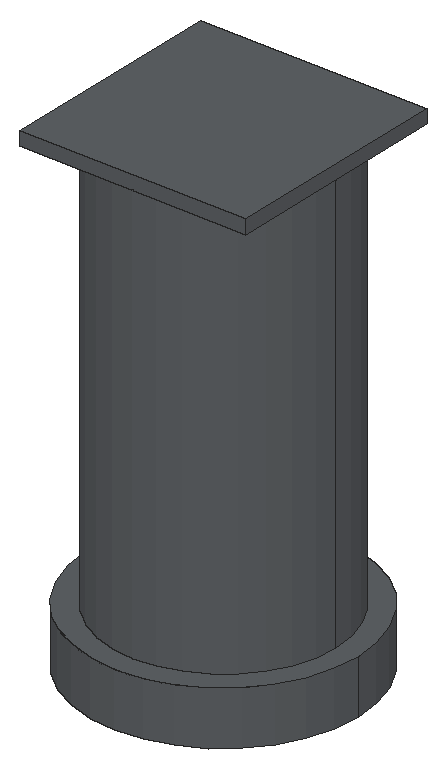
Revit family "KEUCO_59552000170_", category Generic Models, Revit 2016
Family settings
  Part Type = Normal
  Can host rebar = No
  Round Connector Dimension = Use Diameter
  Work Plane-Based = Yes
  Always vertical = No
  Cut with Voids When Loaded = No
  Shared = No
  Room Calculation Point = No
Parameters (values of type "59552000170")
  Verwendung = "DU / WA"  # constant formula
  Preisgruppe = ""
  Kategorie = "ARM"
  Gewicht = 0
  Breite = 45 mm
  URL = "https://www.keuco.com/de/produkte/sortiment/artikel/?pid=59552&oid=3&pgo=9&country=de&lang=de&vid=59552000170"
  Materialien bei Hersteller anfragen = "Anfrage zu:  objektmanagement@keuco.de"
  Description = "Grundkörper für Wandeinbau,\r\nEinbautiefe 65 - 95 mm"
  Default Elevation = 1219.2 mm
  Serie = "Plan"  # constant formula
  Material = Stahl, verchromt
  Manufacturer = "KEUCO"  # constant formula
  Assembly Code = ""
  Ausschreibungstext = "KEUCO IXMO - SOLO UP Funktionseinheit 59552000170\r\nUP Funktionseinheit für Einhebelmischer mit integriertem Schlauchanschluss, DN15, \r\nSchallentkoppelter Grundkörper für den Wandeinbau, frei positionierbar,  \r\nEinbautiefe 65 mm – 95 mm, \r\nGrundplatte für 4 Befestigungsschrauben (bauseits),\r\nAnschlüsse G 1/2 Zoll mit farblicher Kennzeichnung\r\nHinweis: passend zu Artikel-Nr.\r\n59552019501\r\nKEUCO IXMO - SOLO UP Funktionseinheit 59552000170\r\nUP Funktionseinheit für Einhebelmischer mit integriertem Schlauchanschluss, DN15, \r\nSchallentkoppelter Grundkörper für den Wandeinbau, frei positionierbar,  \r\nEinbautiefe 65 mm – 95 mm, \r\nGrundplatte für 4 Befestigungsschrauben (bauseits),\r\nAnschlüsse G 1/2 Zoll mit farblicher Kennzeichnung\r\nHinweis: passend zu Artikel-Nr.\r\n59552019501\r\n59552019502"
  Artikelnummer = "59552000170"
Reference planes
  plane 1 "Center (Front/Back)": y = 0
  plane 2: z = 0
  plane 3 "Center (Left/Right)": x = 0
Forms (mm)
  Extrusion 1, solid, material "Schwarzgrau"
    sketch origin (0, 16.5, 0) x (0, 1, 0) y (-1, 0, 0)
      loop
        line (8.5, 25) -> (-41.5, 25) -> (-41.5, -25) -> (8.5, -25) -> (8.5, 25)
    from 0 to -3
  Extrusion 2, solid, material "Schwarzgrau"
    sketch origin (0, 16.5, -118) x (0, 1, 0) y (-1, 0, 0)
      loop
        circle (-16.5, 0) r 25
    from 21.987 to 115
  Extrusion 3, solid, material "Schwarzgrau"
    sketch origin (0, 16.5, -143) x (0, 1, 0) y (-1, 0, 0)
      loop
        circle (-16.5, 0) r 30
    from 46.987 to 35
Dimensions and locks
  aligned and locked: level to plane 2
